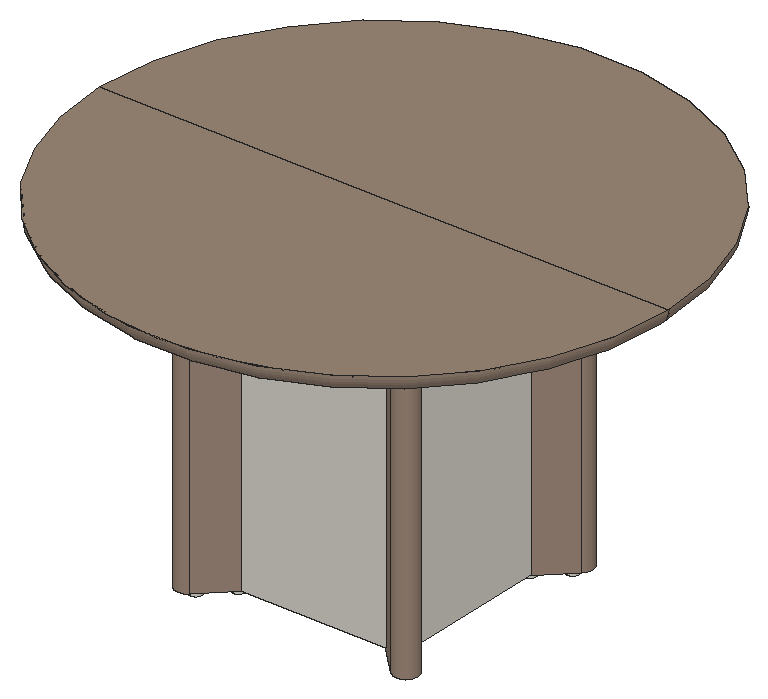
Revit family "Table-Teknion-CFRHBN_Figure_Table_Round_Gable_Enclosed_Base_Half_Bullnose_Edge-R2023", category Furniture, Revit 2023
Family settings
  OmniClass Number = 23.40.20.00
  OmniClass Title = General Furniture and Specialties
  Work Plane-Based = No
  Enable Cutting in Views = No
  Always vertical = Yes
  Cut with Voids When Loaded = No
  Render Appearance Source = Family Geometry
  Shared = Yes
  Room Calculation Point = No
Parameters (values of type "Figure Table, Round, Gable Enclosed Base, Half Bullnose Edge")
  Width [instance] = 48.000"
  Warranty = "http://www.teknion.com/ca/papers/legal-canada"
  Unit Weight URL = "http://www.teknion.com/ca/tools/assets#&asset=bee6a381-b954-425e-8283-5a2de3a804f2,f828d448-4b62-4231-9e5f-9a8991c0ed77"
  URL = "www.teknion.com"
  Top Finish [instance] = Veneer -Teknion - UU - Rustic Oak - Sierra
  To render please download texture images found here [instance] = "https://assets.teknion.com/web/5e81352c1dfdb467/revit-material-swatches/"
  Sustainability Data = "https://www.teknion.com/ca/tools/assets#&topic=216f99a5-57a0-44fc-b10a-9dee9b29ae4c&asset=444deb64-fe58-4b68-981e-f75e97781df7,b4ff2d81-9f2e-437d-9659-7cffb09c31cf"
  Surface Power Access [instance] = if(Width > 75.000", "Select one option for surface power access. AB are not available for selected width.", if(Width = 48.000", "Only NN available for selected width.", "Select one option for surface power access. AF are not available for selected width."))  # "Only NN available for selected width."
  Series = "Custom Wood Boardroom & Reception Tables"  # constant formula
  Product Page URL = "https://www.teknion.com/ca/products/product-details?productLineId=f182336e-8e7a-673b-a6c8-ff00004460c4"
  Product Line = "Figure Table"  # constant formula
  Product Documentation Link = "https://d2r72yk5wmppdj.cloudfront.net/m/7b6608f508e3c5a8/Community_Table_Cut_Sheet.pdf"
  Part Number = "CFRHBN"  # constant formula
  NN - None [instance] = not((or([AB - 7" Compact Access Door], [AF - 12" Standard Access Door])))  # yes
  Model = "CFRHBN__"
  Manufacturer Phone = "416-661-3370"  # constant formula
  Manufacturer Fax = "416.661.4586"  # constant formula
  Manufacturer Contact Information = "http://www.teknion.com/ca/contactus"
  Manufacturer Address = "1150 Flint Road, Toronto, ON. M3J 2J5. Canada"  # constant formula
  Manufacturer = "Teknion"  # constant formula
  MR - 78W + AF [instance] = and(Width = 78.000", [AF - 12" Standard Access Door])  # no
  How To Use Teknion Materials User Guide [instance] = "https://assets.teknion.com/m/205dd0a49fa58060/original/How-to-add-a-Material-Library-and-Texture-Images-to-your-Revit-project.pdf"
  Glide Finish [instance] = Paint - Teknion - Foundation - Sand
  For Additional Finishes please visit [instance] = "https://assets.teknion.com/m/44a8009b046e5d47/original/Teknion_Materials_Library.zip"
  Dim 1 [instance] = if([2 - AB], 6.000", if(Width = 90.000", 15.000", if(Width = 84.000", 12.000", 9.000")))  # 9.000"
  Description = "Figure Table, Round, Gable Enclosed Base, Half Bullnose Edge"
  Default Elevation = 0.000"
  Cut-Out - AF [instance] = if([AF - 12" Standard Access Door], 5.000", 0.300")  # 0.300"
  Cut-Out - AB 2 [instance] = if([2 - AB], 4.000", 0.300")  # 0.300"
  Cut-Out - AB 1 [instance] = if([1 - AB], 4.000", 0.300")  # 0.300"
  Base Finish [instance] = Veneer -Teknion - UU - Rustic Oak - Sierra
  Base Accent Finish [instance] = Paint - Teknion - Foundation - Sand
  Available Width [instance] = "48, 54, 60, 66, 72, 78, 84 & 90 Inch"  # constant formula
  Assembly Code = "E2020200"
  Access Door Finish [instance] = Paint - Teknion - Foundation - Sand
  AF - 12" Standard Access Door [instance] = no
  AB - 7" Compact Access Door [instance] = no
  2 - AB [instance] = and((or(Width = 66.000", Width = 72.000")), [AB - 7" Compact Access Door])  # no
  1 - AB [instance] = and((or(Width = 54.000", Width = 60.000")), [AB - 7" Compact Access Door])  # no
Reference planes (in)
  plane 1 "Center Front/Back": y = 0
  plane 2: z = 0
  plane 3 "Center Left/Right": x = 0
  plane 4 "Left": x = -24
  plane 5 "Right": x = 24
  plane 6 "Back": y = 24
  plane 7 "Front": y = -24
  plane 8 "Top": z = 29
  plane 9: y = 9
  plane 10: y = -9
  plane 11: z = 27.5
  plane 12: z = 26.75197
Forms (in)
  Revolve 1, solid, material "Veneer -Teknion - UU - Rustic Oak - Sierra" <- "Top Finish"
    sketch origin (0, 0, 0) x (1, 0, 0) y (0, 0, 1)
      loop
        line (0, 29) -> (0, 27.5) -> (22.5, 27.5)
        arc (22.5, 27.5) -> (23.56066, 27.93934) -> (24, 29) r 1.5
        line (24, 29) -> (0, 29)
      axis (0, 29) -> (0, 27.5)
    angle from 0 to 360
  Revolve 2, solid, material "Veneer -Teknion - UU - Rustic Oak - Sierra" <- "Top Finish"
    sketch origin (0, 0, 0) x (1, 0, 0) y (0, 0, 1)
      loop
        line (7, 27.5) -> (7, 26.75197) -> (16, 26.75197) -> (16, 27.5) -> (7, 27.5)
      axis (0, 27.5) -> (0, 26.75197)
    angle from 0 to 360
  Sweep 3, void
    path origin (0, 0, 0) x (1, 0, 0) y (0, 0, 1)
      loop
        line (0, 32.19606) -> (0, 32.49606)
    profile origin (0, 0, 32.34606) x (-1, 0, 0) y (0, -1, 0)
      loop
        line (-5.91732, 11.29921) -> (-5.91732, 6.70079)
        arc (-5.91732, 6.70079) -> (-5.80201, 6.4224) -> (-5.52362, 6.30709) r 0.3937
        line (-5.52362, 6.30709) -> (5.52362, 6.30709)
        arc (5.52362, 6.30709) -> (5.80201, 6.4224) -> (5.91732, 6.70079) r 0.3937
        line (5.91732, 6.70079) -> (5.91732, 11.29921)
        arc (5.91732, 11.29921) -> (5.80201, 11.5776) -> (5.52362, 11.69291) r 0.3937
        line (5.52362, 11.69291) -> (-5.52362, 11.69291)
        arc (-5.52362, 11.69291) -> (-5.80201, 11.5776) -> (-5.91732, 11.29921) r 0.3937
      loop
        line (-5.91732, -6.70079) -> (-5.91732, -11.29921)
        arc (-5.91732, -11.29921) -> (-5.80201, -11.5776) -> (-5.52362, -11.69291) r 0.3937
        line (-5.52362, -11.69291) -> (5.52362, -11.69291)
        arc (5.52362, -11.69291) -> (5.80201, -11.5776) -> (5.91732, -11.29921) r 0.3937
        line (5.91732, -11.29921) -> (5.91732, -6.70079)
        arc (5.91732, -6.70079) -> (5.80201, -6.4224) -> (5.52362, -6.30709) r 0.3937
        line (5.52362, -6.30709) -> (-5.52362, -6.30709)
        arc (-5.52362, -6.30709) -> (-5.80201, -6.4224) -> (-5.91732, -6.70079) r 0.3937
  Sweep 4, void
    path origin (0, 0, 0) x (1, 0, 0) y (0, 0, 1)
      loop
        line (0, 22.79606) -> (0, 22.49606)
    profile origin (0, 0, 22.64606) x (0, -1, 0) y (1, 0, 0)
      loop
        line (5.25, 8) -> (5.25, -8)
        arc (5.25, -8) -> (5.39645, -8.35355) -> (5.75, -8.5) r 0.5
        line (5.75, -8.5) -> (12.25, -8.5)
        arc (12.25, -8.5) -> (12.60355, -8.35355) -> (12.75, -8) r 0.5
        line (12.75, -8) -> (12.75, 8)
        arc (12.75, 8) -> (12.60355, 8.35355) -> (12.25, 8.5) r 0.5
        line (12.25, 8.5) -> (5.75, 8.5)
        arc (5.75, 8.5) -> (5.39645, 8.35355) -> (5.25, 8) r 0.5
      loop
        line (-5.25, -8) -> (-5.25, 8)
        arc (-5.25, 8) -> (-5.39645, 8.35355) -> (-5.75, 8.5) r 0.5
        line (-5.75, 8.5) -> (-12.25, 8.5)
        arc (-12.25, 8.5) -> (-12.60355, 8.35355) -> (-12.75, 8) r 0.5
        line (-12.75, 8) -> (-12.75, -8)
        arc (-12.75, -8) -> (-12.60355, -8.35355) -> (-12.25, -8.5) r 0.5
        line (-12.25, -8.5) -> (-5.75, -8.5)
        arc (-5.75, -8.5) -> (-5.39645, -8.35355) -> (-5.25, -8) r 0.5
  Sweep 5, void
    path origin (0, 0, 0) x (1, 0, 0) y (0, 0, 1)
      loop
        line (0, 31.2) -> (0, 31.5)
    profile origin (0, 0, 31.35) x (-1, 0, 0) y (0, -1, 0)
      loop
        line (3.00394, 2.69291) -> (-3.00394, 2.69291)
        arc (-3.00394, 2.69291) -> (-3.28233, 2.5776) -> (-3.39764, 2.29921) r 0.3937
        line (-3.39764, 2.29921) -> (-3.39764, -2.29921)
        arc (-3.39764, -2.29921) -> (-3.28233, -2.5776) -> (-3.00394, -2.69291) r 0.3937
        line (-3.00394, -2.69291) -> (3.00394, -2.69291)
        arc (3.00394, -2.69291) -> (3.28233, -2.5776) -> (3.39764, -2.29921) r 0.3937
        line (3.39764, -2.29921) -> (3.39764, 2.29921)
        arc (3.39764, 2.29921) -> (3.28233, 2.5776) -> (3.00394, 2.69291) r 0.3937
  Sweep 6, void
    path origin (0, 0, 0) x (1, 0, 0) y (0, 0, 1)
      loop
        line (0, 31.5) -> (0, 31.2)
    profile origin (0, 0, 31.35) x (0, -1, 0) y (1, 0, 0)
      loop
        line (6.30709, 3.00394) -> (6.30709, -3.00394)
        arc (6.30709, -3.00394) -> (6.4224, -3.28233) -> (6.70079, -3.39764) r 0.3937
        line (6.70079, -3.39764) -> (11.29921, -3.39764)
        arc (11.29921, -3.39764) -> (11.5776, -3.28233) -> (11.69291, -3.00394) r 0.3937
        line (11.69291, -3.00394) -> (11.69291, 3.00394)
        arc (11.69291, 3.00394) -> (11.5776, 3.28233) -> (11.29921, 3.39764) r 0.3937
        line (11.29921, 3.39764) -> (6.70079, 3.39764)
        arc (6.70079, 3.39764) -> (6.4224, 3.28233) -> (6.30709, 3.00394) r 0.3937
      loop
        arc (-6.30709, 3.00394) -> (-6.4224, 3.28233) -> (-6.70079, 3.39764) r 0.3937
        line (-6.70079, 3.39764) -> (-11.29921, 3.39764)
        arc (-11.29921, 3.39764) -> (-11.5776, 3.28233) -> (-11.69291, 3.00394) r 0.3937
        line (-11.69291, 3.00394) -> (-11.69291, -3.00394)
        arc (-11.69291, -3.00394) -> (-11.5776, -3.28233) -> (-11.29921, -3.39764) r 0.3937
        line (-11.29921, -3.39764) -> (-6.70079, -3.39764)
        arc (-6.70079, -3.39764) -> (-6.4224, -3.28233) -> (-6.30709, -3.00394) r 0.3937
        line (-6.30709, -3.00394) -> (-6.30709, 3.00394)
  Sweep 7, void
    path origin (0, 0, 0) x (1, 0, 0) y (0, 0, 1)
      loop
        line (0, 23.5) -> (0, 23.8)
    profile origin (0, 0, 23.65) x (-1, 0, 0) y (0, -1, 0)
      loop
        line (-6, 12.25) -> (-6, 5.75)
        arc (-6, 5.75) -> (-5.85355, 5.39645) -> (-5.5, 5.25) r 0.5
        line (-5.5, 5.25) -> (5.5, 5.25)
        arc (5.5, 5.25) -> (5.85355, 5.39645) -> (6, 5.75) r 0.5
        line (6, 5.75) -> (6, 12.25)
        arc (6, 12.25) -> (5.85355, 12.60355) -> (5.5, 12.75) r 0.5
        line (5.5, 12.75) -> (-5.5, 12.75)
        arc (-5.5, 12.75) -> (-5.85355, 12.60355) -> (-6, 12.25) r 0.5
      loop
        arc (-6, -12.25) -> (-5.85355, -12.60355) -> (-5.5, -12.75) r 0.5
        line (-5.5, -12.75) -> (5.5, -12.75)
        arc (5.5, -12.75) -> (5.85355, -12.60355) -> (6, -12.25) r 0.5
        line (6, -12.25) -> (6, -5.75)
        arc (6, -5.75) -> (5.85355, -5.39645) -> (5.5, -5.25) r 0.5
        line (5.5, -5.25) -> (-5.5, -5.25)
        arc (-5.5, -5.25) -> (-5.85355, -5.39645) -> (-6, -5.75) r 0.5
        line (-6, -5.75) -> (-6, -12.25)
Cuts and joins
  Sweep 3, Sweep 5, Sweep 6 cuts Revolve 1
  Sweep 4, Sweep 7 cuts Revolve 2
  joined: Revolve 1, Revolve 2
Lines and regions (in)
  Masking region 1, visible <- "NN - None"
    outline origin (0, 0, 0) x (1, 0, 0) y (0, 1, 0)
      loop
        circle (0, 0) r 24
  Masking region 2, visible <- "1 - AB"
    outline origin (0, 0, 0) x (1, 0, 0) y (0, 1, 0)
      loop
        circle (0, 0) r 24
      loop
        arc (3.0315, 1.96727) -> (3.11414, 1.93304) -> (3.14837, 1.85039) r 0.11687
        line (3.14837, 1.85039) -> (3.14837, 1.55173) -> (3.22045, 1.55173) -> (3.22045, 2.28346)
        arc (3.22045, 2.28346) -> (3.15242, 2.4477) -> (2.98819, 2.51573) r 0.23226
        line (2.98819, 2.51573) -> (-2.98819, 2.51573)
        arc (-2.98819, 2.51573) -> (-3.15242, 2.4477) -> (-3.22045, 2.28346) r 0.23226
        line (-3.22045, 2.28346) -> (-3.22045, 1.55173) -> (-3.14837, 1.55173) -> (-3.14837, 1.85039)
        arc (-3.14837, 1.85039) -> (-3.11414, 1.93304) -> (-3.0315, 1.96727) r 0.11687
        line (-3.0315, 1.96727) -> (3.0315, 1.96727)
      loop
        arc (-3.0315, -1.96727) -> (-3.11414, -1.93304) -> (-3.14837, -1.85039) r 0.11687
        line (-3.14837, -1.85039) -> (-3.14837, -1.55173) -> (-3.22045, -1.55173) -> (-3.22045, -2.28346)
        arc (-3.22045, -2.28346) -> (-3.15242, -2.4477) -> (-2.98819, -2.51573) r 0.23226
        line (-2.98819, -2.51573) -> (2.98819, -2.51573)
        arc (2.98819, -2.51573) -> (3.15242, -2.4477) -> (3.22045, -2.28346) r 0.23226
        line (3.22045, -2.28346) -> (3.22045, -1.55173) -> (3.14837, -1.55173) -> (3.14837, -1.85039)
        arc (3.14837, -1.85039) -> (3.11414, -1.93304) -> (3.0315, -1.96727) r 0.11687
        line (3.0315, -1.96727) -> (-3.0315, -1.96727)
  Masking region 3, visible <- "AF - 12" Standard Access Door"
    outline origin (0, 0, 0) x (1, 0, 0) y (0, 1, 0)
      loop
        circle (0, 0) r 24
      loop
        arc (-5.55118, -10.96727) -> (-5.63382, -10.93304) -> (-5.66805, -10.85039) r 0.11687
        line (-5.66805, -10.85039) -> (-5.66805, -10.55173) -> (-5.74014, -10.55173) -> (-5.74014, -11.28346)
        arc (-5.74014, -11.28346) -> (-5.67211, -11.4477) -> (-5.50787, -11.51573) r 0.23226
        line (-5.50787, -11.51573) -> (5.50787, -11.51573)
        arc (5.50787, -11.51573) -> (5.67211, -11.4477) -> (5.74014, -11.28346) r 0.23226
        line (5.74014, -11.28346) -> (5.74014, -10.55173) -> (5.66805, -10.55173) -> (5.66805, -10.85039)
        arc (5.66805, -10.85039) -> (5.63382, -10.93304) -> (5.55118, -10.96727) r 0.11687
        line (5.55118, -10.96727) -> (-5.55118, -10.96727)
      loop
        arc (-5.50787, -6.48427) -> (-5.67211, -6.5523) -> (-5.74014, -6.71654) r 0.23226
        line (-5.74014, -6.71654) -> (-5.74014, -7.44827) -> (-5.66805, -7.44827) -> (-5.66805, -7.14961)
        arc (-5.66805, -7.14961) -> (-5.63382, -7.06696) -> (-5.55118, -7.03273) r 0.11687
        line (-5.55118, -7.03273) -> (5.55118, -7.03273)
        arc (5.55118, -7.03273) -> (5.63382, -7.06696) -> (5.66805, -7.14961) r 0.11687
        line (5.66805, -7.14961) -> (5.66805, -7.44827) -> (5.74014, -7.44827) -> (5.74014, -6.71654)
        arc (5.74014, -6.71654) -> (5.67211, -6.5523) -> (5.50787, -6.48427) r 0.23226
        line (5.50787, -6.48427) -> (-5.50787, -6.48427)
      loop
        arc (5.55118, 10.96727) -> (5.63382, 10.93304) -> (5.66805, 10.85039) r 0.11687
        line (5.66805, 10.85039) -> (5.66805, 10.55173) -> (5.74014, 10.55173) -> (5.74014, 11.28346)
        arc (5.74014, 11.28346) -> (5.67211, 11.4477) -> (5.50787, 11.51573) r 0.23226
        line (5.50787, 11.51573) -> (-5.50787, 11.51573)
        arc (-5.50787, 11.51573) -> (-5.67211, 11.4477) -> (-5.74014, 11.28346) r 0.23226
        line (-5.74014, 11.28346) -> (-5.74014, 10.55173) -> (-5.66805, 10.55173) -> (-5.66805, 10.85039)
        arc (-5.66805, 10.85039) -> (-5.63382, 10.93304) -> (-5.55118, 10.96727) r 0.11687
        line (-5.55118, 10.96727) -> (5.55118, 10.96727)
      loop
        arc (-5.55118, 7.03273) -> (-5.63382, 7.06696) -> (-5.66805, 7.14961) r 0.11687
        line (-5.66805, 7.14961) -> (-5.66805, 7.44827) -> (-5.74014, 7.44827) -> (-5.74014, 6.71654)
        arc (-5.74014, 6.71654) -> (-5.67211, 6.5523) -> (-5.50787, 6.48427) r 0.23226
        line (-5.50787, 6.48427) -> (5.50787, 6.48427)
        arc (5.50787, 6.48427) -> (5.67211, 6.5523) -> (5.74014, 6.71654) r 0.23226
        line (5.74014, 6.71654) -> (5.74014, 7.44827) -> (5.66805, 7.44827) -> (5.66805, 7.14961)
        arc (5.66805, 7.14961) -> (5.63382, 7.06696) -> (5.55118, 7.03273) r 0.11687
        line (5.55118, 7.03273) -> (-5.55118, 7.03273)
  Masking region 4, visible <- "2 - AB"
    outline origin (0, 0, 0) x (1, 0, 0) y (0, 1, 0)
      loop
        circle (0, 0) r 24
      loop
        arc (3.0315, 10.96727) -> (3.11414, 10.93304) -> (3.14837, 10.85039) r 0.11687
        line (3.14837, 10.85039) -> (3.14837, 10.55173) -> (3.22045, 10.55173) -> (3.22045, 11.28346)
        arc (3.22045, 11.28346) -> (3.15242, 11.4477) -> (2.98819, 11.51573) r 0.23226
        line (2.98819, 11.51573) -> (-2.98819, 11.51573)
        arc (-2.98819, 11.51573) -> (-3.15242, 11.4477) -> (-3.22045, 11.28346) r 0.23226
        line (-3.22045, 11.28346) -> (-3.22045, 10.55173) -> (-3.14837, 10.55173) -> (-3.14837, 10.85039)
        arc (-3.14837, 10.85039) -> (-3.11414, 10.93304) -> (-3.0315, 10.96727) r 0.11687
        line (-3.0315, 10.96727) -> (3.0315, 10.96727)
      loop
        arc (-3.0315, 7.03273) -> (-3.11414, 7.06696) -> (-3.14837, 7.14961) r 0.11687
        line (-3.14837, 7.14961) -> (-3.14837, 7.44827) -> (-3.22045, 7.44827) -> (-3.22045, 6.71654)
        arc (-3.22045, 6.71654) -> (-3.15242, 6.5523) -> (-2.98819, 6.48427) r 0.23226
        line (-2.98819, 6.48427) -> (2.98819, 6.48427)
        arc (2.98819, 6.48427) -> (3.15242, 6.5523) -> (3.22045, 6.71654) r 0.23226
        line (3.22045, 6.71654) -> (3.22045, 7.44827) -> (3.14837, 7.44827) -> (3.14837, 7.14961)
        arc (3.14837, 7.14961) -> (3.11414, 7.06696) -> (3.0315, 7.03273) r 0.11687
        line (3.0315, 7.03273) -> (-3.0315, 7.03273)
      loop
        arc (3.0315, -7.03273) -> (3.11414, -7.06696) -> (3.14837, -7.14961) r 0.11687
        line (3.14837, -7.14961) -> (3.14837, -7.44827) -> (3.22045, -7.44827) -> (3.22045, -6.71654)
        arc (3.22045, -6.71654) -> (3.15242, -6.5523) -> (2.98819, -6.48427) r 0.23226
        line (2.98819, -6.48427) -> (-2.98819, -6.48427)
        arc (-2.98819, -6.48427) -> (-3.15242, -6.5523) -> (-3.22045, -6.71654) r 0.23226
        line (-3.22045, -6.71654) -> (-3.22045, -7.44827) -> (-3.14837, -7.44827) -> (-3.14837, -7.14961)
        arc (-3.14837, -7.14961) -> (-3.11414, -7.06696) -> (-3.0315, -7.03273) r 0.11687
        line (-3.0315, -7.03273) -> (3.0315, -7.03273)
      loop
        arc (-3.0315, -10.96727) -> (-3.11414, -10.93304) -> (-3.14837, -10.85039) r 0.11687
        line (-3.14837, -10.85039) -> (-3.14837, -10.55173) -> (-3.22045, -10.55173) -> (-3.22045, -11.28346)
        arc (-3.22045, -11.28346) -> (-3.15242, -11.4477) -> (-2.98819, -11.51573) r 0.23226
        line (-2.98819, -11.51573) -> (2.98819, -11.51573)
        arc (2.98819, -11.51573) -> (3.15242, -11.4477) -> (3.22045, -11.28346) r 0.23226
        line (3.22045, -11.28346) -> (3.22045, -10.55173) -> (3.14837, -10.55173) -> (3.14837, -10.85039)
        arc (3.14837, -10.85039) -> (3.11414, -10.93304) -> (3.0315, -10.96727) r 0.11687
        line (3.0315, -10.96727) -> (-3.0315, -10.96727)
  Masking region 5, visible <- "1 - AB"
    outline origin (0, 0, 0) x (1, 0, 0) y (0, 1, 0)
      loop
        line (-0.55305, 1.96727) -> (-1.10151, 2.51573) -> (-2.98819, 2.51573)
        arc (-2.98819, 2.51573) -> (-3.15242, 2.4477) -> (-3.22045, 2.28346) r 0.23226
        line (-3.22045, 2.28346) -> (-3.22045, 1.80624) -> (-3.14837, 1.73416) -> (-3.14837, 1.85039)
        arc (-3.14837, 1.85039) -> (-3.11414, 1.93304) -> (-3.0315, 1.96727) r 0.11687
        line (-3.0315, 1.96727) -> (-0.55305, 1.96727)
      loop
        line (0.55305, 1.96727) -> (3.0315, 1.96727)
        arc (3.0315, 1.96727) -> (3.11414, 1.93304) -> (3.14837, 1.85039) r 0.11687
        line (3.14837, 1.85039) -> (3.14837, 1.73416) -> (3.22045, 1.80624) -> (3.22045, 2.28346)
        arc (3.22045, 2.28346) -> (3.15242, 2.4477) -> (2.98819, 2.51573) r 0.23226
        line (2.98819, 2.51573) -> (1.10151, 2.51573) -> (0.55305, 1.96727)
      loop
        arc (-3.0315, -1.96727) -> (-3.11414, -1.93304) -> (-3.14837, -1.85039) r 0.11687
        line (-3.14837, -1.85039) -> (-3.14837, -1.73416) -> (-3.22045, -1.80624) -> (-3.22045, -2.28346)
        arc (-3.22045, -2.28346) -> (-3.15242, -2.4477) -> (-2.98819, -2.51573) r 0.23226
        line (-2.98819, -2.51573) -> (-1.10151, -2.51573) -> (-0.55305, -1.96727) -> (-3.0315, -1.96727)
      loop
        arc (2.98819, -2.51573) -> (3.15242, -2.4477) -> (3.22045, -2.28346) r 0.23226
        line (3.22045, -2.28346) -> (3.22045, -1.80624) -> (3.14837, -1.73416) -> (3.14837, -1.85039)
        arc (3.14837, -1.85039) -> (3.11414, -1.93304) -> (3.0315, -1.96727) r 0.11687
        line (3.0315, -1.96727) -> (0.55305, -1.96727) -> (1.10151, -2.51573) -> (2.98819, -2.51573)
  Masking region 6, visible <- "2 - AB"
    outline origin (0, 0, 0) x (1, 0, 0) y (0, 1, 0)
      loop
        line (-2.61852, -7.03273) -> (-2.07006, -6.48427) -> (-2.98819, -6.48427)
        arc (-2.98819, -6.48427) -> (-3.15242, -6.5523) -> (-3.22045, -6.71654) r 0.23226
        line (-3.22045, -6.71654) -> (-3.22045, -7.44827) -> (-3.14837, -7.44827) -> (-3.14837, -7.14961)
        arc (-3.14837, -7.14961) -> (-3.11414, -7.06696) -> (-3.0315, -7.03273) r 0.11687
        line (-3.0315, -7.03273) -> (-2.61852, -7.03273)
      loop
        line (2.61852, -7.03273) -> (3.0315, -7.03273)
        arc (3.0315, -7.03273) -> (3.11414, -7.06696) -> (3.14837, -7.14961) r 0.11687
        line (3.14837, -7.14961) -> (3.14837, -7.44827) -> (3.22045, -7.44827) -> (3.22045, -6.71654)
        arc (3.22045, -6.71654) -> (3.15242, -6.5523) -> (2.98819, -6.48427) r 0.23226
        line (2.98819, -6.48427) -> (2.07006, -6.48427) -> (2.61852, -7.03273)
      loop
        line (-2.61852, 7.03273) -> (-3.0315, 7.03273)
        arc (-3.0315, 7.03273) -> (-3.11414, 7.06696) -> (-3.14837, 7.14961) r 0.11687
        line (-3.14837, 7.14961) -> (-3.14837, 7.44827) -> (-3.22045, 7.44827) -> (-3.22045, 6.71654)
        arc (-3.22045, 6.71654) -> (-3.15242, 6.5523) -> (-2.98819, 6.48427) r 0.23226
        line (-2.98819, 6.48427) -> (-2.07006, 6.48427) -> (-2.61852, 7.03273)
      loop
        line (2.61852, 7.03273) -> (2.07006, 6.48427) -> (2.98819, 6.48427)
        arc (2.98819, 6.48427) -> (3.15242, 6.5523) -> (3.22045, 6.71654) r 0.23226
        line (3.22045, 6.71654) -> (3.22045, 7.44827) -> (3.14837, 7.44827) -> (3.14837, 7.14961)
        arc (3.14837, 7.14961) -> (3.11414, 7.06696) -> (3.0315, 7.03273) r 0.11687
        line (3.0315, 7.03273) -> (2.61852, 7.03273)
  Masking region 7, visible <- "MR - 78W + AF"
    outline origin (0, 0, 0) x (1, 0, 0) y (0, 1, 0)
      loop
        line (-5.74014, -7.15435) -> (-5.07006, -6.48427) -> (-5.50787, -6.48427)
        arc (-5.50787, -6.48427) -> (-5.67211, -6.5523) -> (-5.74014, -6.71654) r 0.23226
        line (-5.74014, -6.71654) -> (-5.74014, -7.15435)
      loop
        line (5.74014, -7.15435) -> (5.74014, -6.71654)
        arc (5.74014, -6.71654) -> (5.67211, -6.5523) -> (5.50787, -6.48427) r 0.23226
        line (5.50787, -6.48427) -> (5.07006, -6.48427) -> (5.74014, -7.15435)
      loop
        line (-5.74014, 7.15435) -> (-5.74014, 6.71654)
        arc (-5.74014, 6.71654) -> (-5.67211, 6.5523) -> (-5.50787, 6.48427) r 0.23226
        line (-5.50787, 6.48427) -> (-5.07006, 6.48427) -> (-5.74014, 7.15435)
      loop
        line (5.74014, 7.15435) -> (5.07006, 6.48427) -> (5.50787, 6.48427)
        arc (5.50787, 6.48427) -> (5.67211, 6.5523) -> (5.74014, 6.71654) r 0.23226
        line (5.74014, 6.71654) -> (5.74014, 7.15435)
  symbolic lines
    curve 1: line (0, -109.46563, 26.75197) -> (0, -109.46563, 30.75197)
    curve 2: line (0, -117.46563, 29) -> (0, -117.46563, 31.25)
  symbolic lines, style "FurnitureHiddenLines", visible <- "1 - AB", detail levels fine
    curve 3: line (3.00394, 2.69291, 0) -> (-3.00394, 2.69291, 0)
    curve 4: arc (-3.00394, 2.69291, 0) -> (-3.28233, 2.5776, 0) -> (-3.39764, 2.29921, 0) r 0.3937
    curve 5: line (-3.39764, 2.29921, 0) -> (-3.39764, -2.29921, 0)
    curve 6: arc (-3.39764, -2.29921, 0) -> (-3.28233, -2.5776, 0) -> (-3.00394, -2.69291, 0) r 0.3937
    curve 7: line (-3.00394, -2.69291, 0) -> (3.00394, -2.69291, 0)
    curve 8: arc (3.00394, -2.69291, 0) -> (3.28233, -2.5776, 0) -> (3.39764, -2.29921, 0) r 0.3937
    curve 9: line (3.39764, -2.29921, 0) -> (3.39764, 2.29921, 0)
    curve 10: arc (3.39764, 2.29921, 0) -> (3.28233, 2.5776, 0) -> (3.00394, 2.69291, 0) r 0.3937
  symbolic lines, style "FurnitureHiddenLines", visible <- "AF - 12" Standard Access Door", detail levels fine
    curve 11: line (5.52362, -6.30709, 0) -> (-5.52362, -6.30709, 0)
    curve 12: arc (-5.52362, -6.30709, 0) -> (-5.80201, -6.4224, 0) -> (-5.91732, -6.70079, 0) r 0.3937
    curve 13: line (-5.91732, -6.70079, 0) -> (-5.91732, -11.29921, 0)
    curve 14: arc (-5.91732, -11.29921, 0) -> (-5.80201, -11.5776, 0) -> (-5.52362, -11.69291, 0) r 0.3937
    curve 15: line (-5.52362, -11.69291, 0) -> (5.52362, -11.69291, 0)
    curve 16: arc (5.52362, -11.69291, 0) -> (5.80201, -11.5776, 0) -> (5.91732, -11.29921, 0) r 0.3937
    curve 17: line (5.91732, -11.29921, 0) -> (5.91732, -6.70079, 0)
    curve 18: arc (5.91732, -6.70079, 0) -> (5.80201, -6.4224, 0) -> (5.52362, -6.30709, 0) r 0.3937
    curve 19: line (-5.52362, 6.30709, 0) -> (5.52362, 6.30709, 0)
    curve 20: arc (5.52362, 6.30709, 0) -> (5.80201, 6.4224, 0) -> (5.91732, 6.70079, 0) r 0.3937
    curve 21: line (5.91732, 6.70079, 0) -> (5.91732, 11.29921, 0)
    curve 22: arc (5.91732, 11.29921, 0) -> (5.80201, 11.5776, 0) -> (5.52362, 11.69291, 0) r 0.3937
    curve 23: line (5.52362, 11.69291, 0) -> (-5.52362, 11.69291, 0)
    curve 24: arc (-5.52362, 11.69291, 0) -> (-5.80201, 11.5776, 0) -> (-5.91732, 11.29921, 0) r 0.3937
    curve 25: line (-5.91732, 11.29921, 0) -> (-5.91732, 6.70079, 0)
    curve 26: arc (-5.91732, 6.70079, 0) -> (-5.80201, 6.4224, 0) -> (-5.52362, 6.30709, 0) r 0.3937
  reference lines
    curve 27: line (-24, 24, 0) -> (24, 24, 0)
    curve 28: line (24, 24, 0) -> (24, -24, 0)
    curve 29: line (-24, -24, 0) -> (24, -24, 0)
    curve 30: line (-24, 24, 0) -> (-24, -24, 0)
  symbolic lines, style "FurnitureHiddenLines", visible <- "2 - AB", detail levels fine
    curve 31: line (-3.39764, 11.29921, 0) -> (-3.39764, 6.70079, 0)
    curve 32: arc (-3.39764, 6.70079, 0) -> (-3.28233, 6.4224, 0) -> (-3.00394, 6.30709, 0) r 0.3937
    curve 33: line (-3.00394, 6.30709, 0) -> (3.00394, 6.30709, 0)
    curve 34: arc (3.00394, 6.30709, 0) -> (3.28233, 6.4224, 0) -> (3.39764, 6.70079, 0) r 0.3937
    curve 35: line (3.39764, 6.70079, 0) -> (3.39764, 11.29921, 0)
    curve 36: arc (3.39764, 11.29921, 0) -> (3.28233, 11.5776, 0) -> (3.00394, 11.69291, 0) r 0.3937
    curve 37: line (3.00394, 11.69291, 0) -> (-3.00394, 11.69291, 0)
    curve 38: arc (-3.00394, 11.69291, 0) -> (-3.28233, 11.5776, 0) -> (-3.39764, 11.29921, 0) r 0.3937
    curve 39: line (-3.39764, -6.70079, 0) -> (-3.39764, -11.29921, 0)
    curve 40: arc (-3.39764, -11.29921, 0) -> (-3.28233, -11.5776, 0) -> (-3.00394, -11.69291, 0) r 0.3937
    curve 41: line (-3.00394, -11.69291, 0) -> (3.00394, -11.69291, 0)
    curve 42: arc (3.00394, -11.69291, 0) -> (3.28233, -11.5776, 0) -> (3.39764, -11.29921, 0) r 0.3937
    curve 43: line (3.39764, -11.29921, 0) -> (3.39764, -6.70079, 0)
    curve 44: arc (3.39764, -6.70079, 0) -> (3.28233, -6.4224, 0) -> (3.00394, -6.30709, 0) r 0.3937
    curve 45: line (3.00394, -6.30709, 0) -> (-3.00394, -6.30709, 0)
    curve 46: arc (-3.00394, -6.30709, 0) -> (-3.28233, -6.4224, 0) -> (-3.39764, -6.70079, 0) r 0.3937
  symbolic lines, style "FurnitureHiddenLines", detail levels medium+fine
    curve 47: arc (16, 0, 0) -> (0, 16, 0) -> (-16, 0, 0) r 16
    curve 48: arc (-16, 0, 0) -> (0, -16, 0) -> (16, 0, 0) r 16
Dimensions and locks (in)
  "Width": plane 4 "Left" to plane 5 "Right"
  "Width": plane 6 "Back" to plane 7 "Front"
  locked: plane 8 "Top" to level at 29
  equal spacing: plane 6 "Back", plane 1 "Center Front/Back", plane 7 "Front"
  equal spacing: plane 4 "Left", plane 3 "Center Left/Right", plane 5 "Right"
  "Dim 1": plane 9 to plane 1 "Center Front/Back"
  "Dim 1": plane 10 to plane 1 "Center Front/Back"
  plane 8 "Top" to plane 11 to plane 12 = 1.500" locked, 0.74803" locked
  locked: Revolve 1 sketch curve to plane 5 "Right" at 1.5
  curve 2 to curve 1 = 8.000"
  locked: Revolve 2 sketch curve to plane 5 "Right" at 8
  locked: Sweep 3 sketch curve to plane 8 "Top" at 3.49606
  "Cut-Out - AF": Sweep 3 sketch curve to Sweep 3 sketch curve
  Sweep 3 sketch curve to Sweep 3 sketch curve to nested 2 to Sweep 3 sketch curve to Sweep 3 sketch curve = 0.3937" locked, 5.52362" locked, 5.52362" locked, 0.3937" locked
  Sweep 3 sketch curve to Sweep 3 sketch curve to nested 2 to Sweep 3 sketch curve to Sweep 3 sketch curve = 0.3937" locked, 2.29921" locked, 2.29921" locked, 0.3937" locked
  Sweep 3 sketch curve to Sweep 3 sketch curve to plane 10 to Sweep 3 sketch curve to Sweep 3 sketch curve = 0.3937" locked, 2.29921" locked, 2.29921" locked, 0.3937" locked
  Sweep 3 sketch curve to Sweep 3 sketch curve to plane 3 "Center Left/Right" to Sweep 3 sketch curve to Sweep 3 sketch curve = 0.3937" locked, 5.52362" locked, 5.52362" locked, 0.3937" locked
  "Cut-Out - AF": Sweep 4 sketch curve to Sweep 4 sketch curve
  locked: plane 12 to Sweep 4 sketch curve at 4.25591
  Sweep 4 sketch curve to Sweep 4 sketch curve to plane 10 to Sweep 4 sketch curve to Sweep 4 sketch curve = 0.500" locked, 3.250" locked, 3.250" locked, 0.500" locked
  Sweep 4 sketch curve to Sweep 4 sketch curve to plane 3 "Center Left/Right" to Sweep 4 sketch curve to Sweep 4 sketch curve = 0.500" locked, 8.000" locked, 8.000" locked, 0.500" locked  (x2)
  Sweep 4 sketch curve to Sweep 4 sketch curve to plane 9 to Sweep 4 sketch curve to Sweep 4 sketch curve = 0.500" locked, 3.250" locked, 3.250" locked, 0.500" locked
  "Cut-Out - AB 1": Sweep 5 sketch curve to Sweep 5 sketch curve
  locked: Sweep 5 sketch curve to plane 8 "Top" at 2.5
  Sweep 5 sketch curve to Sweep 5 sketch curve to plane 1 "Center Front/Back" to Sweep 5 sketch curve to Sweep 5 sketch curve = 0.3937" locked, 2.29921" locked, 2.29921" locked, 0.3937" locked
  Sweep 5 sketch curve to Sweep 5 sketch curve to plane 3 "Center Left/Right" to Sweep 5 sketch curve to Sweep 5 sketch curve = 0.3937" locked, 3.00394" locked, 3.00394" locked, 0.3937" locked
  "Cut-Out - AB 2": Sweep 6 sketch curve to Sweep 6 sketch curve
  locked: Sweep 6 sketch curve to plane 8 "Top" at 2.5
  Sweep 6 sketch curve to Sweep 6 sketch curve to plane 9 to Sweep 6 sketch curve to Sweep 6 sketch curve = 0.3937" locked, 2.29921" locked, 2.29921" locked, 0.3937" locked
  Sweep 6 sketch curve to Sweep 6 sketch curve to plane 10 to Sweep 6 sketch curve to Sweep 6 sketch curve = 0.3937" locked, 2.29921" locked, 2.29921" locked, 0.3937" locked
  Sweep 6 sketch curve to Sweep 6 sketch curve to plane 3 "Center Left/Right" to Sweep 6 sketch curve to Sweep 6 sketch curve = 0.3937" locked, 3.00394" locked, 3.00394" locked, 0.3937" locked  (x2)
  locked: plane 12 to Sweep 7 sketch curve at 3.25197
  "Cut-Out - AB 2": Sweep 7 sketch curve to Sweep 7 sketch curve
  Sweep 7 sketch curve to Sweep 7 sketch curve to plane 3 "Center Left/Right" to Sweep 7 sketch curve to Sweep 7 sketch curve = 0.500" locked, 5.500" locked, 5.500" locked, 0.500" locked  (x2)
  Sweep 7 sketch curve to Sweep 7 sketch curve to plane 10 to Sweep 7 sketch curve to Sweep 7 sketch curve = 0.500" locked, 3.250" locked, 3.250" locked, 0.500" locked
  Sweep 7 sketch curve to Sweep 7 sketch curve to plane 9 to Sweep 7 sketch curve to Sweep 7 sketch curve = 0.500" locked, 3.250" locked, 3.250" locked, 0.500" locked
  locked: Revolve 2 sketch curve to plane 3 "Center Left/Right" at 7
  plane 10 to Masking region 6 sketch curve to Masking region 6 sketch curve to Masking region 6 sketch curve to Masking region 6 sketch curve to Masking region 6 sketch curve = 1.55173" locked, 0.29867" locked, 0.11687" locked, 0.3162" locked, 0.23226" locked  (x2)
  Masking region 6 sketch curve to Masking region 6 sketch curve to Masking region 6 sketch curve to Masking region 6 sketch curve to plane 3 "Center Left/Right" = 0.07208" locked, 0.52985" locked, 0.54846" locked, 2.07006" locked  (x4)
  plane 9 to Masking region 6 sketch curve to Masking region 6 sketch curve to Masking region 6 sketch curve to Masking region 6 sketch curve to Masking region 6 sketch curve = 1.55173" locked, 0.29867" locked, 0.11687" locked, 0.3162" locked, 0.23226" locked  (x2)
  Masking region 7 sketch curve to Masking region 7 sketch curve to Masking region 7 sketch curve to plane 3 "Center Left/Right" = 0.23226" locked, 0.43781" locked, 5.07006" locked  (x4)
  plane 10 to Masking region 7 sketch curve to Masking region 7 sketch curve = 1.84565" locked, 0.67007" locked  (x2)
  plane 9 to Masking region 7 sketch curve to Masking region 7 sketch curve = 1.84565" locked, 0.67007" locked  (x2)
  aligned and locked: level to plane 2
  aligned and locked: Revolve 1 sketch curve to plane 8 "Top"
  aligned and locked: Revolve 1 sketch curve to plane 3 "Center Left/Right"  (x2)
  aligned and locked: plane 11 to Revolve 1 sketch curve
  aligned and locked: plane 8 "Top" to Revolve 1 sketch curve
  aligned and locked: Revolve 2 sketch curve to plane 11
  aligned and locked: plane 12 to Revolve 2 sketch curve
  aligned and locked: Revolve 2 sketch curve to plane 3 "Center Left/Right"
  aligned and locked: plane 10 to nested 3
  aligned and locked: plane 3 "Center Left/Right" to nested 3
  aligned and locked: nested 2 to plane 9
  aligned and locked: plane 3 "Center Left/Right" to nested 2
  aligned and locked: plane 1 "Center Front/Back" to nested 1
  aligned and locked: plane 3 "Center Left/Right" to nested 1
  aligned and locked: plane 3 "Center Left/Right" to Sweep 3 sketch curve
  aligned and locked: plane 8 "Top" to nested 3
  aligned and locked: plane 8 "Top" to nested 2
  aligned and locked: plane 8 "Top" to nested 1
  aligned and locked: Sweep 4 sketch curve to plane 3 "Center Left/Right"
  aligned and locked: plane 3 "Center Left/Right" to Sweep 5 sketch curve
  aligned and locked: Masking region 1 sketch curve to cut or joined group of Revolve 1, Revolve 2, Sweep 3, Sweep 4, Sweep 5, Sweep 6, Sweep 7  (x2)
  aligned and locked: Masking region 2 sketch curve to cut or joined group of Revolve 1, Revolve 2, Sweep 3, Sweep 4, Sweep 5, Sweep 6, Sweep 7  (x2)
  aligned and locked: nested 1 to Masking region 2 sketch curve  (x5)
  aligned and locked: Masking region 2 sketch curve to nested 1  (x9)
  aligned and locked: Masking region 3 sketch curve to cut or joined group of Revolve 1, Revolve 2, Sweep 3, Sweep 4, Sweep 5, Sweep 6, Sweep 7  (x2)
  aligned and locked: nested 3 to Masking region 3 sketch curve  (x7)
  aligned and locked: Masking region 3 sketch curve to nested 3  (x9)
  aligned and locked: nested 2 to Masking region 3 sketch curve  (x5)
  aligned and locked: Masking region 3 sketch curve to nested 2  (x10)
  aligned and locked: curve 4 to Sweep 5
  aligned and locked: curve 6 to Sweep 5
  aligned and locked: curve 8 to Sweep 5
  aligned and locked: curve 10 to Sweep 5
  aligned and locked: curve 12 to Sweep 3
  aligned and locked: curve 14 to Sweep 3
  aligned and locked: curve 16 to Sweep 3
  aligned and locked: curve 18 to Sweep 3
  aligned and locked: curve 20 to Sweep 3
  aligned and locked: curve 22 to Sweep 3
  aligned and locked: curve 24 to Sweep 3
  aligned and locked: curve 26 to Sweep 3
  aligned and locked: curve 27 to plane 6 "Back"
  aligned and locked: plane 5 "Right" to curve 28
  aligned and locked: plane 7 "Front" to curve 29
  aligned and locked: curve 30 to plane 4 "Left"
  aligned and locked: plane 1 "Center Front/Back" to nested 4
  aligned and locked: plane 3 "Center Left/Right" to nested 4
  aligned and locked: nested 5 to plane 9
  aligned and locked: plane 10 to nested 6
  aligned and locked: plane 3 "Center Left/Right" to nested 6
  aligned and locked: plane 3 "Center Left/Right" to nested 5
  aligned and locked: Sweep 6 sketch curve to plane 3 "Center Left/Right"
  aligned and locked: plane 3 "Center Left/Right" to Sweep 7 sketch curve
  aligned and locked: curve 32 to Sweep 6
  aligned and locked: curve 34 to Sweep 6
  aligned and locked: curve 36 to Sweep 6
  aligned and locked: curve 38 to Sweep 6
  aligned and locked: curve 40 to Sweep 6
  aligned and locked: curve 42 to Sweep 6
  aligned and locked: curve 44 to Sweep 6
  aligned and locked: curve 46 to Sweep 6
  aligned and locked: Masking region 4 sketch curve to cut or joined group of Revolve 1, Revolve 2, Sweep 3, Sweep 4, Sweep 5, Sweep 6, Sweep 7  (x2)
  aligned and locked: nested 5 to Masking region 4 sketch curve  (x5)
  aligned and locked: Masking region 4 sketch curve to nested 5  (x9)
  aligned and locked: nested 6 to Masking region 4 sketch curve  (x5)
  aligned and locked: Masking region 4 sketch curve to nested 6  (x9)
  aligned and locked: plane 1 "Center Front/Back" to nested 7
  aligned and locked: nested 7 to plane 3 "Center Left/Right"
  aligned and locked: nested 7 to Masking region 5 sketch curve  (x7)
  aligned and locked: nested 1 to Masking region 5 sketch curve
  aligned and locked: Masking region 5 sketch curve to nested 1  (x8)
  aligned and locked: Masking region 5 sketch curve to nested 7
  aligned and locked: curve 47 to cut or joined group of Revolve 1, Revolve 2, Sweep 3, Sweep 4, Sweep 5, Sweep 6, Sweep 7
  aligned and locked: curve 48 to cut or joined group of Revolve 1, Revolve 2, Sweep 3, Sweep 4, Sweep 5, Sweep 6, Sweep 7
Automatic sketch dimensions
  Revolve 1 sketch curve to plane 12 = 6.75197"
  plane 8 "Top" to Revolve 1 sketch curve = 6.000"
  curve 2 to plane 8 "Top" = 0.000"
  curve 1 to plane 12 = 0.000"
  plane 7 "Front" to curve 2 = 93.46563"
  plane 8 "Top" to curve 1 = 1.75197"
  plane 8 "Top" to curve 2 = 2.250"
  plane 1 "Center Front/Back" to Masking region 1 sketch curve = 0.000"  (x2)
  plane 1 "Center Front/Back" to Masking region 2 sketch curve = 0.000"  (x2)
  Masking region 2 sketch curve to Masking region 2 sketch curve = 0.000"
  plane 1 "Center Front/Back" to Masking region 3 sketch curve = 0.000"  (x2)
  plane 1 "Center Front/Back" to Masking region 4 sketch curve = 0.000"  (x2)
  Revolve 2 sketch curve to plane 12 = 6.39609"
  plane 8 "Top" to Revolve 2 sketch curve = 3.35588"
  plane 1 "Center Front/Back" to curve 47 = 0.000"  (x2)
Nested families (in)
  nested 1: "7 Inch Compact Recessed Access Door" at (-1350, 150, -0.06), visible <- "1 - AB", Finish <- "Access Door Finish", type "7 Inch Compact Recessed Access Door"
    with To render please download texture images found here "https://assets.teknion.com/web/5e81352c1dfdb467/revit-material-swatches/", How To Use Teknion Materials User Guide "https://assets.teknion.com/m/205dd0a49fa58060/original/How-to-add-a-Material-Library-and-Texture-Images-to-your-Revit-project.pdf", For Additional Finishes please visit "https://assets.teknion.com/m/44a8009b046e5d47/original/Teknion_Materials_Library.zip", Finish Paint - Teknion - Foundation - Sand
  nested 2: "12 Inch Standard Recessed Access Door" at (-1350, 159, -0.06), visible <- "AF - 12" Standard Access Door", Finish <- "Access Door Finish", type "12 Inch Compact Recessed Access Door"
    with To render please download texture images found here "https://assets.teknion.com/web/5e81352c1dfdb467/revit-material-swatches/", How To Use Teknion Materials User Guide "https://assets.teknion.com/m/205dd0a49fa58060/original/How-to-add-a-Material-Library-and-Texture-Images-to-your-Revit-project.pdf", For Additional Finishes please visit "https://assets.teknion.com/m/44a8009b046e5d47/original/Teknion_Materials_Library.zip", Finish Paint - Teknion - Foundation - Sand
  nested 3: "12 Inch Standard Recessed Access Door" at (-1350, 141, -0.06), visible <- "AF - 12" Standard Access Door", Finish <- "Access Door Finish", type "12 Inch Compact Recessed Access Door"
    with To render please download texture images found here "https://assets.teknion.com/web/5e81352c1dfdb467/revit-material-swatches/", How To Use Teknion Materials User Guide "https://assets.teknion.com/m/205dd0a49fa58060/original/How-to-add-a-Material-Library-and-Texture-Images-to-your-Revit-project.pdf", For Additional Finishes please visit "https://assets.teknion.com/m/44a8009b046e5d47/original/Teknion_Materials_Library.zip", Finish Paint - Teknion - Foundation - Sand
  nested 4: "Teknion_2D_Node_Family-R2016" at (0, 0, 0), type "Teknion_2D_Node_Family-R2016"
  nested 5: "7 Inch Compact Recessed Access Door" at (-1350, 159, -0.06), visible <- "2 - AB", Finish <- "Access Door Finish", type "7 Inch Compact Recessed Access Door"
    with To render please download texture images found here "https://assets.teknion.com/web/5e81352c1dfdb467/revit-material-swatches/", How To Use Teknion Materials User Guide "https://assets.teknion.com/m/205dd0a49fa58060/original/How-to-add-a-Material-Library-and-Texture-Images-to-your-Revit-project.pdf", For Additional Finishes please visit "https://assets.teknion.com/m/44a8009b046e5d47/original/Teknion_Materials_Library.zip", Finish Paint - Teknion - Foundation - Sand
  nested 6: "7 Inch Compact Recessed Access Door" at (-1350, 141, -0.06), visible <- "2 - AB", Finish <- "Access Door Finish", type "7 Inch Compact Recessed Access Door"
    with To render please download texture images found here "https://assets.teknion.com/web/5e81352c1dfdb467/revit-material-swatches/", How To Use Teknion Materials User Guide "https://assets.teknion.com/m/205dd0a49fa58060/original/How-to-add-a-Material-Library-and-Texture-Images-to-your-Revit-project.pdf", For Additional Finishes please visit "https://assets.teknion.com/m/44a8009b046e5d47/original/Teknion_Materials_Library.zip", Finish Paint - Teknion - Foundation - Sand
  nested 7: "Round - Gable Enclosed Base" at (0, 0, 0), Width <- "Width", Base Finish <- "Base Finish", Glide Finish <- "Glide Finish", Base Accent Finish <- "Base Accent Finish", type "Round, Gable Enclosed Base"
    with Width 48.000", To render please download texture images found here "https://assets.teknion.com/web/5e81352c1dfdb467/revit-material-swatches/", How To Use Teknion Materials User Guide "https://assets.teknion.com/m/205dd0a49fa58060/original/How-to-add-a-Material-Library-and-Texture-Images-to-your-Revit-project.pdf", Glide Finish Paint - Teknion - Foundation - Sand, For Additional Finishes please visit "https://assets.teknion.com/m/44a8009b046e5d47/original/Teknion_Materials_Library.zip", Dim 5 9.657", Dim 4 6.657", Dim 3 6.657", Dim 2 14.000", Dim 1 7.500", Base Finish Veneer -Teknion - UU - Rustic Oak - Sierra, Base Accent Finish Paint - Teknion - Foundation - Sand, Available Width "48, 54, 60, 66, 72, 78, 84 & 90 Inch"
Definition of nested family "7 Inch Compact Recessed Access Door"
  Parameters (values of type "7 Inch Compact Recessed Access Door")
    Warranty = "http://www.teknion.com/ca/papers/legal-canada"
    Unit Weight URL = "http://www.teknion.com/ca/tools/assets#&asset=bee6a381-b954-425e-8283-5a2de3a804f2,f828d448-4b62-4231-9e5f-9a8991c0ed77"
    URL = "www.teknion.com"
    To render please download texture images found here [instance] = "https://assets.teknion.com/web/5e81352c1dfdb467/revit-material-swatches/"
    Sustainability Data = "https://www.teknion.com/ca/tools/assets#&topic=216f99a5-57a0-44fc-b10a-9dee9b29ae4c&asset=444deb64-fe58-4b68-981e-f75e97781df7,b4ff2d81-9f2e-437d-9659-7cffb09c31cf"
    Series = ""
    Product Page URL = ""
    Product Line = ""
    Product Documentation Link = ""
    Part Number = ""
    Model = "1"
    Manufacturer Phone = "416-661-3370"  # constant formula
    Manufacturer Fax = "416.661.4586"  # constant formula
    Manufacturer Contact Information = "http://www.teknion.com/ca/contactus"
    Manufacturer Address = "1150 Flint Road, Toronto, ON. M3J 2J5. Canada"  # constant formula
    Manufacturer = "Teknion"  # constant formula
    How To Use Teknion Materials User Guide [instance] = "https://assets.teknion.com/m/205dd0a49fa58060/original/How-to-add-a-Material-Library-and-Texture-Images-to-your-Revit-project.pdf"
    For Additional Finishes please visit [instance] = "https://assets.teknion.com/m/44a8009b046e5d47/original/Teknion_Materials_Library.zip"
    Finish [instance] = none
    Description = "7 Inch Compact Recessed Access Door"
    Default Elevation = 0.000"
    Assembly Code = "E2020200"
  Reference planes (in)
    plane 1 "Center Front/Back": y = -150
    plane 2: z = 0
    plane 3 "Center Left/Right": x = 1350
    plane 4 "Left": x = 1346.49213
    plane 5 "Right": x = 1353.50787
    plane 6 "Back": y = -147.19685
    plane 7 "Front": y = -152.80315
    plane 8 "Top": z = 29.06
    plane 9: z = 29.13087
    plane 10: z = 27.55606
  Forms (in)
    Sweep 1, solid, material <- "Finish"
      path origin (0, -150, 0) x (1, 0, 0) y (0, 0, 1)
        loop
          line (1350, 29.0915) -> (1350, 28.93402)
      profile origin (1350, -150, 29.01276) x (0, -1, 0) y (1, 0, 0)
        loop
          line (-1.96727, 3.0315) -> (-1.96727, -3.0315)
          arc (-1.96727, -3.0315) -> (-1.93304, -3.11414) -> (-1.85039, -3.14837) r 0.11687
          line (-1.85039, -3.14837) -> (1.85039, -3.14837)
          arc (1.85039, -3.14837) -> (1.93304, -3.11414) -> (1.96727, -3.0315) r 0.11687
          line (1.96727, -3.0315) -> (1.96727, 3.0315)
          arc (1.96727, 3.0315) -> (1.93304, 3.11414) -> (1.85039, 3.14837) r 0.11687
          line (1.85039, 3.14837) -> (-1.85039, 3.14837)
          arc (-1.85039, 3.14837) -> (-1.93304, 3.11414) -> (-1.96727, 3.0315) r 0.11687
    Sweep 2, solid, material <- "Finish"
      path origin (0, 0, 0) x (1, 0, 0) y (0, 1, 0)
        loop
          line (1347.54528, -150.97077) -> (1348.02559, -150.97077)
      profile origin (1347.78543, -150.97077, 0) x (0, 1, 0) y (0, 0, 1)
        loop
          arc (-0.58221, 28.65831) -> (-0.29695, 28.37305) -> (-0.01169, 28.65831) r 0.28526
          line (-0.01169, 28.65831) -> (0, 28.99307) -> (-0.5939, 28.99307) -> (-0.58221, 28.65831)
    Sweep 3, solid, material <- "Finish"
      path origin (4.42913, 2.53543, 0) x (1, 0, 0) y (0, 1, 0)
        loop
          line (1347.54528, -150.97077) -> (1348.02559, -150.97077)
      profile origin (1352.21457, -148.43533, 0) x (0, 1, 0) y (0, 0, 1)
        loop
          arc (-0.58221, 28.65831) -> (-0.29695, 28.37305) -> (-0.01169, 28.65831) r 0.28526
          line (-0.01169, 28.65831) -> (0, 28.99307) -> (-0.5939, 28.99307) -> (-0.58221, 28.65831)
    Sweep 4, solid, material <- "Finish"
      path origin (0, 0, 0) x (1, 0, 0) y (0, 1, 0)
        loop
          line (1347.47244, -150) -> (1347.05512, -150)
      profile origin (1347.26378, -150, 0) x (0, -1, 0) y (0, 0, 1)
        loop
          line (1.26772, 28.9537) -> (-1.26772, 28.9537)
          arc (-1.26772, 28.9537) -> (-1.46955, 28.8701) -> (-1.55315, 28.66827) r 0.28543
          arc (-1.55315, 28.66827) -> (-1.46955, 28.46644) -> (-1.26772, 28.38283) r 0.28543
          line (-1.26772, 28.38283) -> (1.26772, 28.38283)
          arc (1.26772, 28.38283) -> (1.46955, 28.46644) -> (1.55315, 28.66827) r 0.28543
          arc (1.55315, 28.66827) -> (1.46955, 28.8701) -> (1.26772, 28.9537) r 0.28543
    Sweep 5, solid, material <- "Finish"
      path origin (2700, 0, 0) x (-1, 0, 0) y (0, -1, 0)
        loop
          line (1347.47244, 150) -> (1347.05512, 150)
      profile origin (1352.73622, -150, 0) x (0, 1, 0) y (0, 0, 1)
        loop
          arc (-1.26772, 28.9537) -> (-1.46955, 28.8701) -> (-1.55315, 28.66827) r 0.28543
          arc (-1.55315, 28.66827) -> (-1.46955, 28.46644) -> (-1.26772, 28.38283) r 0.28543
          line (-1.26772, 28.38283) -> (1.26772, 28.38283)
          arc (1.26772, 28.38283) -> (1.46955, 28.46644) -> (1.55315, 28.66827) r 0.28543
          arc (1.55315, 28.66827) -> (1.46955, 28.8701) -> (1.26772, 28.9537) r 0.28543
          line (1.26772, 28.9537) -> (-1.26772, 28.9537)
    Sweep 6, solid, material <- "Finish"
      path origin (0, -150, 0) x (1, 0, 0) y (0, 0, 1)
        loop
          line (1350, 28.30172) -> (1350, 27.55606)
      profile origin (1350, -150, 27.92889) x (0, -1, 0) y (1, 0, 0)
        loop
          line (1.35626, -3.311) -> (2.28346, -3.311)
          arc (2.28346, -3.311) -> (2.51173, -3.21645) -> (2.60628, -2.98819) r 0.32281
          line (2.60628, -2.98819) -> (2.60628, 2.98819)
          arc (2.60628, 2.98819) -> (2.51173, 3.21645) -> (2.28346, 3.311) r 0.32281
          line (2.28346, 3.311) -> (1.35626, 3.311) -> (-1.35626, 3.311) -> (-2.28346, 3.311)
          arc (-2.28346, 3.311) -> (-2.51173, 3.21645) -> (-2.60628, 2.98819) r 0.32281
          line (-2.60628, 2.98819) -> (-2.60628, -2.98819)
          arc (-2.60628, -2.98819) -> (-2.51173, -3.21645) -> (-2.28346, -3.311) r 0.32281
          line (-2.28346, -3.311) -> (-1.35626, -3.311) -> (1.35626, -3.311)
        loop
          arc (2.28346, -3.22045) -> (2.4477, -3.15242) -> (2.51573, -2.98819) r 0.23226
          line (2.51573, -2.98819) -> (2.51573, 2.98819)
          arc (2.51573, 2.98819) -> (2.4477, 3.15242) -> (2.28346, 3.22045) r 0.23226
          line (2.28346, 3.22045) -> (1.44686, 3.22045) -> (1.44686, 2.58268) -> (-1.44686, 2.58268) -> (-1.44686, 3.22045) -> (-2.28346, 3.22045)
          arc (-2.28346, 3.22045) -> (-2.4477, 3.15242) -> (-2.51573, 2.98819) r 0.23226
          line (-2.51573, 2.98819) -> (-2.51573, -2.98819)
          arc (-2.51573, -2.98819) -> (-2.4477, -3.15242) -> (-2.28346, -3.22045) r 0.23226
          line (-2.28346, -3.22045) -> (-1.44686, -3.22045) -> (-1.44686, -2.58268) -> (1.44686, -2.58268) -> (1.44686, -3.22045) -> (2.28346, -3.22045)
    SweptBlend 7, solid, material <- "Finish"
      path origin (0, -150, 0) x (1, 0, 0) y (0, 0, 1)
        loop
          line (1350, 28.30172) -> (1350, 29.06)
      profile origin (1350, -150, 28.30172) x (-1, 0, 0) y (0, -1, 0)
        loop
          line (2.98819, 2.60628) -> (-2.98819, 2.60628)
          arc (-2.98819, 2.60628) -> (-3.21645, 2.51173) -> (-3.311, 2.28346) r 0.32281
          line (-3.311, 2.28346) -> (-3.311, -2.28346)
          arc (-3.311, -2.28346) -> (-3.21645, -2.51173) -> (-2.98819, -2.60628) r 0.32281
          line (-2.98819, -2.60628) -> (2.98819, -2.60628)
          arc (2.98819, -2.60628) -> (3.21645, -2.51173) -> (3.311, -2.28346) r 0.32281
          line (3.311, -2.28346) -> (3.311, 2.28346)
          arc (3.311, 2.28346) -> (3.21645, 2.51173) -> (2.98819, 2.60628) r 0.32281
      end profile origin (1350, -150, 29.06) x (-1, 0, 0) y (0, -1, 0)
        loop
          line (2.98819, 2.64602) -> (-2.98819, 2.64602)
          arc (-2.98819, 2.64602) -> (-3.24455, 2.53983) -> (-3.35074, 2.28346) r 0.36255
          line (-3.35074, 2.28346) -> (-3.35074, -2.28346)
          arc (-3.35074, -2.28346) -> (-3.24455, -2.53983) -> (-2.98819, -2.64602) r 0.36255
          line (-2.98819, -2.64602) -> (2.98819, -2.64602)
          arc (2.98819, -2.64602) -> (3.24455, -2.53983) -> (3.35074, -2.28346) r 0.36255
          line (3.35074, -2.28346) -> (3.35074, 2.28346)
          arc (3.35074, 2.28346) -> (3.24455, 2.53983) -> (2.98819, 2.64602) r 0.36255
    SweptBlend 8, void
      path origin (0, -150, 0) x (1, 0, 0) y (0, 0, 1)
        loop
          line (1350, 28.30172) -> (1350, 29.13087)
      profile origin (1350, -150, 28.30172) x (-1, 0, 0) y (0, -1, 0)
        loop
          arc (-2.98819, 2.51573) -> (-3.15242, 2.4477) -> (-3.22045, 2.28346) r 0.23226
          line (-3.22045, 2.28346) -> (-3.22045, -2.28346)
          arc (-3.22045, -2.28346) -> (-3.15242, -2.4477) -> (-2.98819, -2.51573) r 0.23226
          line (-2.98819, -2.51573) -> (2.98819, -2.51573)
          arc (2.98819, -2.51573) -> (3.15242, -2.4477) -> (3.22045, -2.28346) r 0.23226
          line (3.22045, -2.28346) -> (3.22045, 2.28346)
          arc (3.22045, 2.28346) -> (3.15242, 2.4477) -> (2.98819, 2.51573) r 0.23226
          line (2.98819, 2.51573) -> (-2.98819, 2.51573)
      end profile origin (1350, -150, 29.13087) x (-1, 0, 0) y (0, -1, 0)
        loop
          arc (3.26378, 2.28346) -> (3.18306, 2.47834) -> (2.98819, 2.55906) r 0.27559
          line (2.98819, 2.55906) -> (-2.98819, 2.55906)
          arc (-2.98819, 2.55906) -> (-3.18306, 2.47834) -> (-3.26378, 2.28346) r 0.27559
          line (-3.26378, 2.28346) -> (-3.26378, -2.28346)
          arc (-3.26378, -2.28346) -> (-3.18306, -2.47834) -> (-2.98819, -2.55906) r 0.27559
          line (-2.98819, -2.55906) -> (2.98819, -2.55906)
          arc (2.98819, -2.55906) -> (3.18306, -2.47834) -> (3.26378, -2.28346) r 0.27559
          line (3.26378, -2.28346) -> (3.26378, 2.28346)
    Sweep 9, solid, material <- "Finish"
      path origin (0, -150, 0) x (1, 0, 0) y (0, 0, 1)
        loop
          line (1350, 29.13087) -> (1350, 29.06)
      profile origin (1350, -150, 29.09543) x (0, -1, 0) y (1, 0, 0)
        loop
          arc (-2.80315, -3.04331) -> (-2.66708, -3.37181) -> (-2.33858, -3.50787) r 0.46457
          line (-2.33858, -3.50787) -> (2.33858, -3.50787)
          arc (2.33858, -3.50787) -> (2.66708, -3.37181) -> (2.80315, -3.04331) r 0.46457
          line (2.80315, -3.04331) -> (2.80315, 3.04331)
          arc (2.80315, 3.04331) -> (2.66708, 3.37181) -> (2.33858, 3.50787) r 0.46457
          line (2.33858, 3.50787) -> (-2.33858, 3.50787)
          arc (-2.33858, 3.50787) -> (-2.66708, 3.37181) -> (-2.80315, 3.04331) r 0.46457
          line (-2.80315, 3.04331) -> (-2.80315, -3.04331)
        loop
          arc (-2.55535, -2.98819) -> (-2.47572, -3.18044) -> (-2.28346, -3.26008) r 0.27189
          line (-2.28346, -3.26008) -> (2.28346, -3.26008)
          arc (2.28346, -3.26008) -> (2.47572, -3.18044) -> (2.55535, -2.98819) r 0.27189
          line (2.55535, -2.98819) -> (2.55535, 2.98819)
          arc (2.55535, 2.98819) -> (2.47572, 3.18044) -> (2.28346, 3.26008) r 0.27189
          line (2.28346, 3.26008) -> (-2.28346, 3.26008)
          arc (-2.28346, 3.26008) -> (-2.47572, 3.18044) -> (-2.55535, 2.98819) r 0.27189
          line (-2.55535, 2.98819) -> (-2.55535, -2.98819)
    Sweep 10, solid, material <- "Finish"
      path origin (0, 0, 0) x (1, 0, 0) y (0, 1, 0)
        loop
          line (1347.02362, -150) -> (1346.71891, -150)
      profile origin (1346.87127, -150, 0) x (0, -1, 0) y (0, 0, 1)
        loop
          line (-1.55173, 28.30409) -> (-1.47299, 28.30409) -> (-1.47161, 28.34346) -> (1.47161, 28.34346) -> (1.47299, 28.30409) -> (1.55173, 28.30409) -> (1.53742, 28.71391)
          arc (1.53742, 28.71391) -> (1.46543, 28.87559) -> (1.30134, 28.94189) r 0.23622
          line (1.30134, 28.94189) -> (-1.30134, 28.94189)
          arc (-1.30134, 28.94189) -> (-1.46543, 28.87559) -> (-1.53742, 28.71391) r 0.23622
          line (-1.53742, 28.71391) -> (-1.55173, 28.30409)
    Sweep 11, solid, material <- "Finish"
      path origin (2700, 0, 0) x (-1, 0, 0) y (0, -1, 0)
        loop
          line (1347.02362, 150) -> (1346.71891, 150)
      profile origin (1353.12873, -150, 0) x (0, 1, 0) y (0, 0, 1)
        loop
          line (1.55173, 28.30409) -> (1.53742, 28.71391)
          arc (1.53742, 28.71391) -> (1.46543, 28.87559) -> (1.30134, 28.94189) r 0.23622
          line (1.30134, 28.94189) -> (-1.30134, 28.94189)
          arc (-1.30134, 28.94189) -> (-1.46543, 28.87559) -> (-1.53742, 28.71391) r 0.23622
          line (-1.53742, 28.71391) -> (-1.55173, 28.30409) -> (-1.47299, 28.30409) -> (-1.47161, 28.34346) -> (1.47161, 28.34346) -> (1.47299, 28.30409) -> (1.55173, 28.30409)
    Sweep 12, void
      path origin (0, 0, 0) x (1, 0, 0) y (0, 1, 0)
        loop
          line (1346.93307, -150) -> (1353.06693, -150)
      profile origin (1350, -150, 0) x (0, 1, 0) y (0, 0, 1)
        loop
          line (0.17902, 28.53406) -> (0.19327, 28.94189) -> (-0.19327, 28.94189) -> (-0.17902, 28.53406)
          arc (-0.17902, 28.53406) -> (0, 28.36118) -> (0.17902, 28.53406) r 0.17913
  Cuts and joins
    joined: Sweep 1, Sweep 2, Sweep 3
    SweptBlend 8 cuts SweptBlend 7
    joined: Sweep 6, SweptBlend 7, Sweep 9
    Sweep 12 cuts Sweep 10
    Sweep 12 cuts Sweep 11
  Lines and regions (in)
    Masking region 1
      outline origin (0, 0, 0) x (1, 0, 0) y (0, 1, 0)
        loop
          line (1353.04331, -147.19685) -> (1346.95669, -147.19685)
          arc (1346.95669, -147.19685) -> (1346.62819, -147.33292) -> (1346.49213, -147.66142) r 0.46457
          line (1346.49213, -147.66142) -> (1346.49213, -152.33858)
          arc (1346.49213, -152.33858) -> (1346.62819, -152.66708) -> (1346.95669, -152.80315) r 0.46457
          line (1346.95669, -152.80315) -> (1353.04331, -152.80315)
          arc (1353.04331, -152.80315) -> (1353.37181, -152.66708) -> (1353.50787, -152.33858) r 0.46457
          line (1353.50787, -152.33858) -> (1353.50787, -147.66142)
          arc (1353.50787, -147.66142) -> (1353.37181, -147.33292) -> (1353.04331, -147.19685) r 0.46457
        loop
          line (1346.77955, -148.44827) -> (1346.85163, -148.44827) -> (1346.85163, -148.14961)
          arc (1346.85163, -148.14961) -> (1346.88586, -148.06696) -> (1346.9685, -148.03273) r 0.11687
          line (1346.9685, -148.03273) -> (1353.0315, -148.03273)
          arc (1353.0315, -148.03273) -> (1353.11414, -148.06696) -> (1353.14837, -148.14961) r 0.11687
          line (1353.14837, -148.14961) -> (1353.14837, -148.44827) -> (1353.22045, -148.44827) -> (1353.22045, -147.71654)
          arc (1353.22045, -147.71654) -> (1353.15242, -147.5523) -> (1352.98819, -147.48427) r 0.23226
          line (1352.98819, -147.48427) -> (1347.01181, -147.48427)
